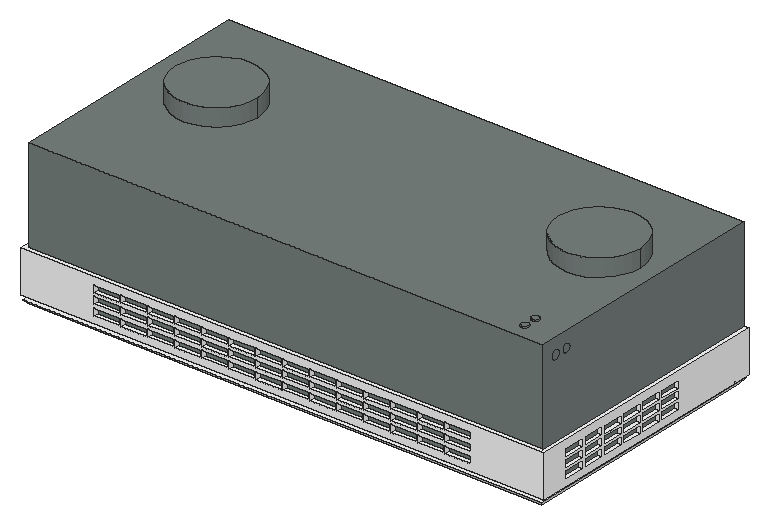
Revit family "AM 500 VB", category Mechanical Equipment, Revit 2019
Family settings
  Round Connector Dimension = Use Diameter
  Part Type = Normal
  OmniClass Number = 23.75.00.00
  OmniClass Title = Climate Control (HVAC)
  Work Plane-Based = No
  Always vertical = Yes
  Cut with Voids When Loaded = No
  Shared = No
  Room Calculation Point = No
Parameters
  Weight (Standard Unit) = 108  # constant formula
  Water Heater Surface Return = 10 mm  # constant formula
  Water Heater Surface IN = 10 mm  # constant formula
  URL = "www.airmaster-as.com"
  Total Width = 1600 mm  # constant formula
  Total Hight = 439 mm  # constant formula
  Top panel [instance] = no
  R-C Duct Supply = 192 mm  # constant formula
  Middle Panel [instance] = no
  L-C Duct Exhaust = 238 mm  # constant formula
  Suply Air In = 250 mm  # constant formula
  B-C Duct Supply = 328 mm  # constant formula
  Phase 1 - Max Power Consumption = "1762 W"
  Phase 1 - Max Current = "8,1 A"
  Nominal current, electrical preheating surface = "4,4 A"
  Nominal current, electrical comfort heating surface = "2,6 A"
  Nominal current, air handling unit = "1,1 A"
  Network Conection = "AWG 24 CAT 5e STP"
  Model = "AM 500 VB"
  Max. flow rate 35 dB(A) with ePM10 80% filters = 440.00 m³  # constant formula
  Max. flow rate 35 dB(A) with ePM10 55% filters = 495.00 m³  # constant formula
  Max. flow rate 35 dB(A) with ePM10 50% filters = 550.00 m³  # constant formula
  Max. flow rate 30 dB(A) with ePM10 80% filters = 344.00 m³  # constant formula
  Max. flow rate 30 dB(A) with ePM10 55% filters = 387.00 m³  # constant formula
  Max. flow rate 30 dB(A) with ePM10 50% filters = 430.00 m³  # constant formula
  Manufacturer = "Airmaster A/S"
  Maintenance [instance] = no
  B-C Duct Exhaust = 328 mm  # constant formula
  Exhaust Air = 250 mm  # constant formula
  Total Depth = 779 mm  # constant formula
  Electrical connection = "1 ~ 230 V / N / PE / 50 Hz"
  Drawn By = "LSB"
  Condensate = 9 mm  # constant formula
  BMS Panel = "(PTS) 2x2x0,6"
  BMS Out = "(PTS) 2x2x0,6"
  BMS IN = "(PTS) 2x0,6"
  Airlow area [instance] = no
Reference planes
  plane 1 "Center (Front/Back)": y = 0
  plane 2: z = 0
  plane 3 "Center (Left/Right)": x = 0
  plane 4 "Center L/S": y = -779
  plane 5 "Center L/T": x = -800
  plane 6 "Center L/U": x = 800
  plane 7 "TOP": z = 439
  plane 8 "Center L/V": x = -785
  plane 9 "Center L/W": y = -764
  plane 10 "Center L/X": x = 785
  plane 11 "Panel Buttom": z = 24.45
  plane 12 "Panel Top": z = 153.45
  plane 13 "Hatch": z = 14.5
  plane 14 "Center L/Z": z = 163.4
  plane 15 "Center L/AA": z = 292.4
  plane 16 "Center L/BB": z = 302.35
  plane 17 "Center L/CC": z = 431.35
Forms (mm)
  Extrusion 1, solid, material "AM Grey"
    sketch origin (0, 0, 0) x (1, 0, 0) y (0, 1, 0)
      loop
        line (-785, 0) -> (-785, -764) -> (785, -764) -> (785, 0) -> (-785, 0)
    from 14.5 to 439
  Extrusion 2, solid, material "AM White"
    sketch origin (794.5, -1524, 24.45) x (0, -1, 0) y (-1, 0, 0)
      loop
        line (-1524, 1594.5) -> (-1524, 1579.5) -> (-760, 1579.5) -> (-760, 9.5) -> (-1524, 9.5) -> (-1524, -5.5) -> (-745, -5.5) -> (-745, 1594.5) -> (-1524, 1594.5)
    from 0 to -129
  Blend 3, solid, material "AM White"
    base sketch origin (-790.646, -1524, 14.5) x (0, -1, 0) y (1, 0, 0)
      loop
        line (-745, -2.387) -> (-745, 1583.657) -> (-1524, 1583.657) -> (-1524, -2.387) -> (-745, -2.387)
    top sketch origin (-790.646, -1524, 14.5) x (0, -1, 0) y (1, 0, 0)
      loop
        line (-760, 8.963) -> (-760, 1572.646) -> (-1509.161, 1572.646) -> (-1509.161, 8.963) -> (-760, 8.963)
    from 0 to -14.5
  Extrusion 4, void
    sketch origin (1480.036, -779, 24.45) x (1, 0, 0) y (0, 0, -1)
      loop
        line (-2055.036, -85.5) -> (-2055.036, -107.5) -> (-1977.536, -107.5) -> (-1977.536, -85.5) -> (-2055.036, -85.5)
      loop
        line (-2055.036, -53.5) -> (-2055.036, -75.5) -> (-1977.536, -75.5) -> (-1977.536, -53.5) -> (-2055.036, -53.5)
      loop
        line (-2055.036, -21.5) -> (-2055.036, -43.5) -> (-1977.536, -43.5) -> (-1977.536, -21.5) -> (-2055.036, -21.5)
      loop
        line (-1972.536, -85.5) -> (-1972.536, -107.5) -> (-1895.036, -107.5) -> (-1895.036, -85.5) -> (-1972.536, -85.5)
      loop
        line (-1972.536, -53.5) -> (-1972.536, -75.5) -> (-1895.036, -75.5) -> (-1895.036, -53.5) -> (-1972.536, -53.5)
      loop
        line (-1972.536, -21.5) -> (-1972.536, -43.5) -> (-1895.036, -43.5) -> (-1895.036, -21.5) -> (-1972.536, -21.5)
      loop
        line (-1890.036, -85.5) -> (-1890.036, -107.5) -> (-1812.536, -107.5) -> (-1812.536, -85.5) -> (-1890.036, -85.5)
      loop
        line (-1890.036, -53.5) -> (-1890.036, -75.5) -> (-1812.536, -75.5) -> (-1812.536, -53.5) -> (-1890.036, -53.5)
      loop
        line (-1890.036, -21.5) -> (-1890.036, -43.5) -> (-1812.536, -43.5) -> (-1812.536, -21.5) -> (-1890.036, -21.5)
      loop
        line (-1807.536, -85.5) -> (-1807.536, -107.5) -> (-1730.036, -107.5) -> (-1730.036, -85.5) -> (-1807.536, -85.5)
      loop
        line (-1807.536, -53.5) -> (-1807.536, -75.5) -> (-1730.036, -75.5) -> (-1730.036, -53.5) -> (-1807.536, -53.5)
      loop
        line (-1807.536, -21.5) -> (-1807.536, -43.5) -> (-1730.036, -43.5) -> (-1730.036, -21.5) -> (-1807.536, -21.5)
      loop
        line (-1725.036, -85.5) -> (-1725.036, -107.5) -> (-1647.536, -107.5) -> (-1647.536, -85.5) -> (-1725.036, -85.5)
      loop
        line (-1725.036, -53.5) -> (-1725.036, -75.5) -> (-1647.536, -75.5) -> (-1647.536, -53.5) -> (-1725.036, -53.5)
      loop
        line (-1725.036, -21.5) -> (-1725.036, -43.5) -> (-1647.536, -43.5) -> (-1647.536, -21.5) -> (-1725.036, -21.5)
      loop
        line (-1642.536, -85.5) -> (-1642.536, -107.5) -> (-1565.036, -107.5) -> (-1565.036, -85.5) -> (-1642.536, -85.5)
      loop
        line (-1642.536, -53.5) -> (-1642.536, -75.5) -> (-1565.036, -75.5) -> (-1565.036, -53.5) -> (-1642.536, -53.5)
      loop
        line (-1642.536, -21.5) -> (-1642.536, -43.5) -> (-1565.036, -43.5) -> (-1565.036, -21.5) -> (-1642.536, -21.5)
      loop
        line (-1560.036, -85.5) -> (-1560.036, -107.5) -> (-1482.536, -107.5) -> (-1482.536, -85.5) -> (-1560.036, -85.5)
      loop
        line (-1560.036, -53.5) -> (-1560.036, -75.5) -> (-1482.536, -75.5) -> (-1482.536, -53.5) -> (-1560.036, -53.5)
      loop
        line (-1560.036, -21.5) -> (-1560.036, -43.5) -> (-1482.536, -43.5) -> (-1482.536, -21.5) -> (-1560.036, -21.5)
      loop
        line (-1477.536, -85.5) -> (-1477.536, -107.5) -> (-1400.036, -107.5) -> (-1400.036, -85.5) -> (-1477.536, -85.5)
      loop
        line (-1477.536, -53.5) -> (-1477.536, -75.5) -> (-1400.036, -75.5) -> (-1400.036, -53.5) -> (-1477.536, -53.5)
      loop
        line (-1477.536, -21.5) -> (-1477.536, -43.5) -> (-1400.036, -43.5) -> (-1400.036, -21.5) -> (-1477.536, -21.5)
      loop
        line (-1395.036, -85.5) -> (-1395.036, -107.5) -> (-1317.536, -107.5) -> (-1317.536, -85.5) -> (-1395.036, -85.5)
      loop
        line (-1395.036, -53.5) -> (-1395.036, -75.5) -> (-1317.536, -75.5) -> (-1317.536, -53.5) -> (-1395.036, -53.5)
      loop
        line (-1395.036, -21.5) -> (-1395.036, -43.5) -> (-1317.536, -43.5) -> (-1317.536, -21.5) -> (-1395.036, -21.5)
      loop
        line (-1312.536, -85.5) -> (-1312.536, -107.5) -> (-1235.036, -107.5) -> (-1235.036, -85.5) -> (-1312.536, -85.5)
      loop
        line (-1312.536, -53.5) -> (-1312.536, -75.5) -> (-1235.036, -75.5) -> (-1235.036, -53.5) -> (-1312.536, -53.5)
      loop
        line (-1312.536, -21.5) -> (-1312.536, -43.5) -> (-1235.036, -43.5) -> (-1235.036, -21.5) -> (-1312.536, -21.5)
      loop
        line (-1230.036, -85.5) -> (-1230.036, -107.5) -> (-1152.536, -107.5) -> (-1152.536, -85.5) -> (-1230.036, -85.5)
      loop
        line (-1230.036, -53.5) -> (-1230.036, -75.5) -> (-1152.536, -75.5) -> (-1152.536, -53.5) -> (-1230.036, -53.5)
      loop
        line (-1230.036, -21.5) -> (-1230.036, -43.5) -> (-1152.536, -43.5) -> (-1152.536, -21.5) -> (-1230.036, -21.5)
      loop
        line (-1147.536, -85.5) -> (-1147.536, -107.5) -> (-1070.036, -107.5) -> (-1070.036, -85.5) -> (-1147.536, -85.5)
      loop
        line (-1147.536, -53.5) -> (-1147.536, -75.5) -> (-1070.036, -75.5) -> (-1070.036, -53.5) -> (-1147.536, -53.5)
      loop
        line (-1147.536, -21.5) -> (-1147.536, -43.5) -> (-1070.036, -43.5) -> (-1070.036, -21.5) -> (-1147.536, -21.5)
      loop
        line (-1065.036, -85.5) -> (-1065.036, -107.5) -> (-987.536, -107.5) -> (-987.536, -85.5) -> (-1065.036, -85.5)
      loop
        line (-1065.036, -53.5) -> (-1065.036, -75.5) -> (-987.536, -75.5) -> (-987.536, -53.5) -> (-1065.036, -53.5)
      loop
        line (-1065.036, -21.5) -> (-1065.036, -43.5) -> (-987.536, -43.5) -> (-987.536, -21.5) -> (-1065.036, -21.5)
      loop
        line (-982.536, -85.5) -> (-982.536, -107.5) -> (-905.036, -107.5) -> (-905.036, -85.5) -> (-982.536, -85.5)
      loop
        line (-982.536, -53.5) -> (-982.536, -75.5) -> (-905.036, -75.5) -> (-905.036, -53.5) -> (-982.536, -53.5)
      loop
        line (-982.536, -21.5) -> (-982.536, -43.5) -> (-905.036, -43.5) -> (-905.036, -21.5) -> (-982.536, -21.5)
    from 0 to 15
  Extrusion 5, solid, material "AM Grey"
    sketch origin (-785, -20, 0) x (0, 1, 0) y (0, 0, -1)
      loop
        arc (-34.231, -35.823) -> (-20.604, -46.468) -> (-15.509, -29.944) r 10.5
        arc (-15.509, -29.944) -> (-26.896, -26.432) -> (-34.231, -35.823) r 10.5
    from 0 to 14.9
  Extrusion 6, void
    sketch origin (800, 1296.25, 24.45) x (0, 1, 0) y (0, 0, -1)
      loop
        line (-1995, -105.164) -> (-1927, -105.164) -> (-1927, -80.664) -> (-1995, -80.664) -> (-1995, -105.164)
      loop
        line (-1995, -75.664) -> (-1927, -75.664) -> (-1927, -51.164) -> (-1995, -51.164) -> (-1995, -75.664)
      loop
        line (-1995, -46.164) -> (-1927, -46.164) -> (-1927, -21.664) -> (-1995, -21.664) -> (-1995, -46.164)
      loop
        line (-1922, -105.164) -> (-1854, -105.164) -> (-1854, -80.664) -> (-1922, -80.664) -> (-1922, -105.164)
      loop
        line (-1922, -75.664) -> (-1854, -75.664) -> (-1854, -51.164) -> (-1922, -51.164) -> (-1922, -75.664)
      loop
        line (-1922, -46.164) -> (-1854, -46.164) -> (-1854, -21.664) -> (-1922, -21.664) -> (-1922, -46.164)
      loop
        line (-1849, -105.164) -> (-1781, -105.164) -> (-1781, -80.664) -> (-1849, -80.664) -> (-1849, -105.164)
      loop
        line (-1849, -75.664) -> (-1781, -75.664) -> (-1781, -51.164) -> (-1849, -51.164) -> (-1849, -75.664)
      loop
        line (-1849, -46.164) -> (-1781, -46.164) -> (-1781, -21.664) -> (-1849, -21.664) -> (-1849, -46.164)
      loop
        line (-1776, -105.164) -> (-1708, -105.164) -> (-1708, -80.664) -> (-1776, -80.664) -> (-1776, -105.164)
      loop
        line (-1776, -75.664) -> (-1708, -75.664) -> (-1708, -51.164) -> (-1776, -51.164) -> (-1776, -75.664)
      loop
        line (-1776, -46.164) -> (-1708, -46.164) -> (-1708, -21.664) -> (-1776, -21.664) -> (-1776, -46.164)
      loop
        line (-1703, -105.164) -> (-1635, -105.164) -> (-1635, -80.664) -> (-1703, -80.664) -> (-1703, -105.164)
      loop
        line (-1703, -75.664) -> (-1635, -75.664) -> (-1635, -51.164) -> (-1703, -51.164) -> (-1703, -75.664)
      loop
        line (-1703, -46.164) -> (-1635, -46.164) -> (-1635, -21.664) -> (-1703, -21.664) -> (-1703, -46.164)
      loop
        line (-1630, -105.164) -> (-1562, -105.164) -> (-1562, -80.664) -> (-1630, -80.664) -> (-1630, -105.164)
      loop
        line (-1630, -75.664) -> (-1562, -75.664) -> (-1562, -51.164) -> (-1630, -51.164) -> (-1630, -75.664)
      loop
        line (-1630, -46.164) -> (-1562, -46.164) -> (-1562, -21.664) -> (-1630, -21.664) -> (-1630, -46.164)
    from 0 to 15
  Extrusion 7, solid, material "AM Grey"
    sketch origin (785, 0, 0) x (0, -1, 0) y (0, 0, -1)
      loop
        circle (48.75, -36.414) r 8
    from 0 to 14.9
  Extrusion 8, solid, material "AM Grey"
    sketch origin (785, 0, 0) x (0, -1, 0) y (0, 0, -1)
      loop
        circle (48.75, -60.414) r 5.5
    from 0 to 14.9
  Extrusion 9, solid, material "AM Grey"
    sketch origin (785, 0, 0) x (0, -1, 0) y (0, 0, -1)
      loop
        arc (52.21, -82.945) -> (49.124, -78.934) -> (45.257, -82.197) r 3.5
        arc (45.257, -82.197) -> (48.376, -85.894) -> (52.21, -82.945) r 3.5
    from 0 to 14.9
  Extrusion 10, solid, material "AM Grey"
    sketch origin (785, 0, 0) x (0, -1, 0) y (0, 0, -1)
      loop
        arc (52.21, -104.867) -> (49.124, -100.856) -> (45.257, -104.119) r 3.5
        arc (45.257, -104.119) -> (48.376, -107.816) -> (52.21, -104.867) r 3.5
    from 0 to 14.9
  Extrusion 11, solid, material "AM Grey"
    sketch origin (785, 0, 0) x (0, -1, 0) y (0, 0, -1)
      loop
        arc (666.553, -391.641) -> (678.119, -403.614) -> (689.95, -391.903) r 11.7
        arc (689.95, -391.903) -> (678.381, -380.215) -> (666.553, -391.641) r 11.7
    from 0 to 2
  Extrusion 12, solid, material "AM Grey"
    sketch origin (785, 0, 0) x (0, -1, 0) y (0, 0, -1)
      loop
        arc (707.323, -393.239) -> (721.418, -403.717) -> (730.869, -388.914) r 12
        arc (730.869, -388.914) -> (717.082, -380.112) -> (707.323, -393.239) r 12
    from 0 to 2
  Extrusion 13, solid, material "AM Grey"
    sketch origin (-2194.69, 0, 0) x (1, 0, 0) y (0, 0, -1)
      loop
        arc (1478.835, -24) -> (1493.457, -45.482) -> (1480.281, -23.084) r 13
        line (1480.281, -23.084) -> (1478.835, -24)
    from 0 to 2
  Extrusion 14, solid, material "AM Grey"
    sketch origin (0, 0, 439) x (1, 0, 0) y (0, 1, 0)
      loop
        arc (693.662, -689.53) -> (693, -667.55) -> (692.338, -689.53) r 11
        line (692.338, -689.53) -> (693.662, -689.53)
    from 0 to 2
  Extrusion 15, solid, material "AM Grey"
    sketch origin (0, 0, 439) x (1, 0, 0) y (0, 1, 0)
      loop
        arc (693.662, -730.28) -> (693, -708.3) -> (692.338, -730.28) r 11
        line (692.338, -730.28) -> (693.662, -730.28)
    from 0 to 2
  Extrusion 16, solid, material "Maintenece", visible <- "Maintenance"
    sketch origin (-790.646, -1524, 0) x (1, 0, 0) y (0, -1, 0)
      loop
        line (-9.354, -1524) -> (1590.646, -1524) -> (1590.646, -745) -> (-9.354, -745) -> (-9.354, -1524)
    from 0 to 1200
  Extrusion 17, solid, material "Maintenece", visible <- "Airlow area"
    sketch origin (800, 1296.25, 24.45) x (0, -1, 0) y (0, 0, -1)
      loop
        line (1296.25, -129) -> (2081.25, -129) -> (2081.25, 21) -> (1296.25, 21) -> (1296.25, -129)
    from 0 to 500
  Extrusion 18, solid, material "AM Grey"
    sketch origin (0, 0, 439) x (1, 0, 0) y (0, 1, 0)
      loop
        circle (-562, -328) r 125
    from 0 to 53
  Extrusion 19, solid, material "AM Grey"
    sketch origin (1170, 0, 439) x (1, 0, 0) y (0, 1, 0)
      loop
        circle (-562, -328) r 125
    from 0 to 53
  Extrusion 20, solid, material "AM White", visible <- "Middle Panel"
    sketch origin (794.5, -1524, 163.4) x (0, -1, 0) y (-1, 0, 0)
      loop
        line (-1524, 1594.5) -> (-1524, 1579.5) -> (-760, 1579.5) -> (-760, 9.5) -> (-1524, 9.5) -> (-1524, -5.5) -> (-745, -5.5) -> (-745, 1594.5) -> (-1524, 1594.5)
    from 0 to -129
  Extrusion 21, solid, material "AM White", visible <- "Top panel"
    sketch origin (794.5, -1524, 302.35) x (0, -1, 0) y (-1, 0, 0)
      loop
        line (-1524, 1594.5) -> (-1524, 1579.5) -> (-760, 1579.5) -> (-760, 9.5) -> (-1524, 9.5) -> (-1524, -5.5) -> (-745, -5.5) -> (-745, 1594.5) -> (-1524, 1594.5)
    from 0 to -129
Cuts and joins
  Extrusion 4, Extrusion 6 cuts Extrusion 1
  Extrusion 4, Extrusion 6 cuts Extrusion 2
Dimensions and locks
  "Total Depth": plane 4 "Center L/S" to plane 1 "Center (Front/Back)"
  equal spacing: plane 5 "Center L/T", plane 3 "Center (Left/Right)", plane 6 "Center L/U"
  "Total Width": plane 5 "Center L/T" to plane 6 "Center L/U"
  "Total Hight": plane 7 "TOP" to level
  locked: plane 10 "Center L/X" to plane 6 "Center L/U" at 15
  locked: plane 4 "Center L/S" to plane 9 "Center L/W" at 15
  locked: plane 5 "Center L/T" to plane 8 "Center L/V" at 15
  Extrusion 1 to Blend 3 sketch curve = 14.839 mm
  nested 3 to cut or joined group of Extrusion 2, Extrusion 4, Extrusion 6 = 550 mm
  "L-C Duct Exhaust": plane 5 "Center L/T" to Extrusion 18 sketch curve
  "B-C Duct Exhaust": Extrusion 18 sketch curve to plane 1 "Center (Front/Back)"
  "B-C Duct Supply": Extrusion 19 sketch curve to plane 1 "Center (Front/Back)"
  "R-C Duct Supply": Extrusion 19 sketch curve to plane 6 "Center L/U"
  aligned and locked: level to plane 2
  aligned and locked: plane 1 "Center (Front/Back)" to Extrusion 1 sketch curve
  aligned and locked: Extrusion 1 sketch curve to plane 8 "Center L/V"
  aligned and locked: Extrusion 1 sketch curve to plane 9 "Center L/W"
  aligned and locked: Extrusion 1 sketch curve to plane 10 "Center L/X"
  aligned and locked: plane 7 "TOP" to Extrusion 1
  aligned and locked: plane 5 "Center L/T" to Extrusion 2 sketch curve
  aligned and locked: plane 4 "Center L/S" to Extrusion 2 sketch curve
  aligned and locked: plane 6 "Center L/U" to Extrusion 2 sketch curve
  aligned and locked: Extrusion 2 sketch curve to Extrusion 1  (x3)
  aligned and locked: plane 1 "Center (Front/Back)" to Extrusion 2 sketch curve
  aligned and locked: Extrusion 2 to plane 12 "Panel Top"
  aligned and locked: Blend 3 to plane 2
  aligned and locked: plane 13 "Hatch" to Extrusion 1
  aligned and locked: Extrusion 16 sketch curve to cut or joined group of Extrusion 2, Extrusion 4, Extrusion 6  (x4)
  aligned and locked: Extrusion 17 sketch curve to cut or joined group of Extrusion 2, Extrusion 4, Extrusion 6  (x2)
  aligned and locked: Extrusion 20 to plane 15 "Center L/AA"
  aligned and locked: Extrusion 21 to plane 17 "Center L/CC"
Automatic sketch dimensions
  plane 1 "Center (Front/Back)" to Extrusion 2 sketch curve = 0 mm
  plane 1 "Center (Front/Back)" to Blend 3 sketch curve = 0 mm
  plane 4 "Center L/S" to Blend 3 sketch curve = 0 mm
  plane 5 "Center L/T" to Blend 3 sketch curve = 6.967 mm
  Blend 3 sketch curve to plane 6 "Center L/U" = 6.989 mm
  plane 9 "Center L/W" to Blend 3 sketch curve = 0 mm
  plane 8 "Center L/V" to Blend 3 sketch curve = 3.316 mm
  Blend 3 sketch curve to plane 10 "Center L/X" = 3 mm
  Extrusion 4 sketch curve to Extrusion 2 = 43.5 mm  (x4)
  Extrusion 4 sketch curve to Extrusion 2 = 225 mm
  Extrusion 4 sketch curve to Extrusion 4 sketch curve = 0 mm  (x87)
  Extrusion 4 sketch curve to Extrusion 4 sketch curve = 77.5 mm  (x14)
  Extrusion 4 sketch curve to Extrusion 4 sketch curve = 5 mm  (x39)
  Extrusion 4 sketch curve to Extrusion 2 = 21.5 mm  (x7)
  Extrusion 4 sketch curve to Extrusion 4 sketch curve = 10 mm  (x12)
  Extrusion 4 sketch curve to Extrusion 4 sketch curve = 22 mm  (x4)
  Extrusion 5 sketch curve to Extrusion 5 sketch curve = 0 mm  (x2)
  Extrusion 1 to Extrusion 5 sketch curve = 43.75 mm
  Extrusion 1 to Extrusion 5 sketch curve = 21.95 mm
  Extrusion 5 sketch curve to Extrusion 5 sketch curve = 10.481 mm
  Extrusion 5 sketch curve to Extrusion 5 sketch curve = 8.241 mm
  Extrusion 5 sketch curve to Extrusion 5 sketch curve = 0.627 mm
  Extrusion 6 sketch curve to Extrusion 2 = 23.836 mm  (x2)
  Extrusion 2 to Extrusion 6 sketch curve = 80.25 mm
  Extrusion 6 sketch curve to Extrusion 6 sketch curve = 0 mm  (x33)
  Extrusion 6 sketch curve to Extrusion 6 sketch curve = 68 mm  (x6)
  Extrusion 6 sketch curve to Extrusion 6 sketch curve = 5 mm  (x22)
  Extrusion 6 sketch curve to Extrusion 6 sketch curve = 24.5 mm  (x5)
  Extrusion 6 sketch curve to Extrusion 2 = 21.664 mm  (x3)
  Extrusion 1 to Extrusion 7 sketch curve = 21.914 mm
  Extrusion 1 to Extrusion 7 sketch curve = 48.75 mm
  Extrusion 1 to Extrusion 8 sketch curve = 48.75 mm
  Extrusion 1 to Extrusion 8 sketch curve = 45.914 mm
  Extrusion 9 sketch curve to Extrusion 9 sketch curve = 0 mm  (x2)
  Extrusion 1 to Extrusion 9 sketch curve = 48.75 mm
  Extrusion 1 to Extrusion 9 sketch curve = 67.914 mm
  Extrusion 9 sketch curve to Extrusion 9 sketch curve = 3.493 mm
  Extrusion 9 sketch curve to Extrusion 9 sketch curve = 3.46 mm
  Extrusion 9 sketch curve to Extrusion 9 sketch curve = 0.531 mm
  Extrusion 10 sketch curve to Extrusion 10 sketch curve = 0 mm  (x2)
  Extrusion 1 to Extrusion 10 sketch curve = 48.75 mm
  Extrusion 1 to Extrusion 10 sketch curve = 89.836 mm
  Extrusion 10 sketch curve to Extrusion 10 sketch curve = 3.493 mm
  Extrusion 10 sketch curve to Extrusion 10 sketch curve = 3.46 mm
  Extrusion 10 sketch curve to Extrusion 10 sketch curve = 0.531 mm
  Extrusion 11 sketch curve to Extrusion 11 sketch curve = 0 mm  (x2)
  Extrusion 1 to Extrusion 11 sketch curve = 85.75 mm
  Extrusion 1 to Extrusion 11 sketch curve = 47.086 mm
  Extrusion 11 sketch curve to Extrusion 11 sketch curve = 11.697 mm
  Extrusion 11 sketch curve to Extrusion 11 sketch curve = 11.7 mm
  Extrusion 11 sketch curve to Extrusion 11 sketch curve = 0.011 mm
  Extrusion 12 sketch curve to Extrusion 12 sketch curve = 0 mm  (x2)
  Extrusion 1 to Extrusion 12 sketch curve = 44.75 mm
  Extrusion 1 to Extrusion 12 sketch curve = 47.086 mm
  Extrusion 12 sketch curve to Extrusion 12 sketch curve = 11.927 mm
  Extrusion 12 sketch curve to Extrusion 12 sketch curve = 11.619 mm
  Extrusion 12 sketch curve to Extrusion 12 sketch curve = 1.325 mm
  Extrusion 1 to Extrusion 13 sketch curve = 9.5 mm
  Extrusion 13 sketch curve to Extrusion 1 = 69.145 mm
  Extrusion 1 to Extrusion 13 sketch curve = 8.584 mm
  Extrusion 13 sketch curve to Extrusion 13 sketch curve = 1.446 mm
  Extrusion 13 sketch curve to Extrusion 13 sketch curve = 6.219 mm
  Extrusion 14 sketch curve to Extrusion 1 = 92.662 mm
  Extrusion 14 sketch curve to Extrusion 14 sketch curve = 0.662 mm
  Extrusion 14 sketch curve to Extrusion 1 = 74.47 mm
  Extrusion 14 sketch curve to Extrusion 14 sketch curve = 10.98 mm
  Extrusion 15 sketch curve to Extrusion 1 = 92.662 mm
  Extrusion 15 sketch curve to Extrusion 15 sketch curve = 0.662 mm
  Extrusion 15 sketch curve to Extrusion 1 = 33.72 mm
  Extrusion 15 sketch curve to Extrusion 15 sketch curve = 10.98 mm
  Extrusion 2 to Extrusion 17 sketch curve = 6 mm
  Extrusion 17 sketch curve to Extrusion 2 = 21 mm
  plane 1 "Center (Front/Back)" to Extrusion 20 sketch curve = 0 mm  (x2)
  Extrusion 20 sketch curve to plane 8 "Center L/V" = 0 mm
  Extrusion 20 sketch curve to plane 9 "Center L/W" = 0 mm
  plane 4 "Center L/S" to Extrusion 20 sketch curve = 0 mm
  Extrusion 20 sketch curve to plane 5 "Center L/T" = 0 mm
  Extrusion 20 sketch curve to plane 10 "Center L/X" = 0 mm
  Extrusion 20 sketch curve to plane 6 "Center L/U" = 0 mm
  plane 1 "Center (Front/Back)" to Extrusion 21 sketch curve = 0 mm  (x2)
  Extrusion 21 sketch curve to plane 8 "Center L/V" = 0 mm
  Extrusion 21 sketch curve to plane 9 "Center L/W" = 0 mm
  plane 4 "Center L/S" to Extrusion 21 sketch curve = 0 mm
  Extrusion 21 sketch curve to plane 5 "Center L/T" = 0 mm
  Extrusion 21 sketch curve to plane 10 "Center L/X" = 0 mm
  Extrusion 21 sketch curve to plane 6 "Center L/U" = 0 mm
  radius of Extrusion 7 sketch curve = 8 mm
  radius of Extrusion 8 sketch curve = 5.5 mm
  radius of Extrusion 18 sketch curve = 125 mm
  radius of Extrusion 19 sketch curve = 125 mm
Nested families
  nested 1: "Model Label 2019" at (0, -531.924, 0), Label <- "Model", type "Model Label 2019"
    with Label "AM 500 VB"
  nested 2: "Pil Indtag" at (1400, -364, 0) x (-1, 0, 0) z (0, 0, 1), type "Pil Indtag"
    with dX_ 609 mm, dX 609 mm, ang2D 0.00°
  nested 3: "indblæssymbol" at (0, -879, 0) x (0, -1, 0) z (0, 0, 1), type "indblæssymbol"
    with dX_ 609 mm, dX 609 mm, ang2D 0.00°
Connectors
  piping at (-799.9, -44.87, 32.883), diameter 9, driven by "Condensate"
    settings: on Extrusion 5, index 1, connector inside diameter 609.6 mm, connector length 0 mm, flow factor 0, pipe flow 0.0 L/s, pressure drop 0.0 Pa, fitting loss kfactor 0, connector angle 0.00°, fixture units 0, engagement length 0 mm, angle of deflection 0.00°, flow configuration 0, flow direction 0, fitting loss method 0, system type 16, joint type 0, gender type 0, connector reference index -1, connector utility 0, adjustable connector no, is connector primary yes, connector description ""
  electrical at (799.9, -48.75, 36.414), driven by "Electrical connection"
    settings: on Extrusion 7, index 2, voltage 230 V, apparent load 0 VA, apparent load phase1 0 VA, apparent load phase2 0 VA, apparent load phase3 0 VA, power factor 0.58, load classification "Other", number of poles 1, system type 30, power factor state 1, is connector primary yes, connector utility no, sub classification motor no, connector description "1 ~ 230 V / N / PE / 50 Hz"
  electrical at (799.9, -48.75, 60.414), driven by "Network Conection"
    settings: on Extrusion 8, index 3, voltage 0 V, apparent load 0 VA, apparent load phase1 0 VA, apparent load phase2 0 VA, apparent load phase3 0 VA, power factor 1, load classification "Other", number of poles 1, system type 5, power factor state 1, is connector primary no, connector utility no, sub classification motor no, connector description "AWG 24 CAT 5e STP"
  electrical at (799.9, -48.733, 82.571), driven by "BMS IN"
    settings: on Extrusion 9, index 4, voltage 0 V, apparent load 0 VA, apparent load phase1 0 VA, apparent load phase2 0 VA, apparent load phase3 0 VA, power factor 1, load classification "Other", number of poles 1, system type 5, power factor state 1, is connector primary no, connector utility no, sub classification motor no, connector description "(PTS) 2x0,6"
  electrical at (799.9, -48.733, 104.493), driven by "BMS Out"
    settings: on Extrusion 10, index 5, voltage 0 V, apparent load 0 VA, apparent load phase1 0 VA, apparent load phase2 0 VA, apparent load phase3 0 VA, power factor 1, load classification "Other", number of poles 1, system type 5, power factor state 1, is connector primary no, connector utility no, sub classification motor no, connector description "(PTS) 2x2x0,6"
  piping at (787, -719.096, 391.076), diameter 10, driven by "Water Heater Surface IN"
    settings: on Extrusion 12, index 6, connector inside diameter 609.6 mm, connector length 0 mm, flow factor 0, pipe flow 0.0 L/s, pressure drop 0.0 Pa, fitting loss kfactor 0, connector angle 0.00°, fixture units 0, engagement length 0 mm, angle of deflection 0.00°, flow configuration 0, flow direction 1, fitting loss method 0, system type 7, joint type 0, gender type 0, connector reference index -1, connector utility 0, adjustable connector no, is connector primary no, connector description ""
  piping at (787, -678.252, 391.772), diameter 10, driven by "Water Heater Surface Return"
    settings: on Extrusion 11, index 7, connector inside diameter 609.6 mm, connector length 0 mm, flow factor 0, pipe flow 0.0 L/s, pressure drop 0.0 Pa, fitting loss kfactor 0, connector angle 0.00°, fixture units 0, engagement length 0 mm, angle of deflection 0.00°, flow configuration 0, flow direction 2, fitting loss method 0, system type 8, joint type 0, gender type 0, connector reference index -1, connector utility 0, adjustable connector no, is connector primary no, connector description ""
  piping at (-715.132, 2, 23.542), diameter 9, driven by "Condensate"
    settings: on Extrusion 13, index 8, connector inside diameter 609.6 mm, connector length 0 mm, flow factor 0, pipe flow 0.0 L/s, pressure drop 0.0 Pa, fitting loss kfactor 0, connector angle 0.00°, fixture units 0, engagement length 0 mm, angle of deflection 0.00°, flow configuration 0, flow direction 0, fitting loss method 0, system type 16, joint type 0, gender type 0, connector reference index -1, connector utility 0, adjustable connector no, is connector primary no, connector description "9"
  piping at (693, -730.28, 441), diameter 10, driven by "Water Heater Surface IN"
    settings: on Extrusion 15, index 11, connector inside diameter 609.6 mm, connector length 0 mm, flow factor 0, pipe flow 0.0 L/s, pressure drop 0.0 Pa, fitting loss kfactor 0, connector angle 0.00°, fixture units 0, engagement length 0 mm, angle of deflection 0.00°, flow configuration 0, flow direction 0, fitting loss method 0, system type 19, joint type 0, gender type 0, connector reference index -1, connector utility 0, adjustable connector no, is connector primary no, connector description ""
  piping at (693, -689.53, 441), diameter 10, driven by "Water Heater Surface Return"
    settings: on Extrusion 14, index 12, connector inside diameter 609.6 mm, connector length 0 mm, flow factor 0, pipe flow 0.0 L/s, pressure drop 0.0 Pa, fitting loss kfactor 0, connector angle 0.00°, fixture units 0, engagement length 0 mm, angle of deflection 0.00°, flow configuration 0, flow direction 0, fitting loss method 0, system type 19, joint type 0, gender type 0, connector reference index -1, connector utility 0, adjustable connector no, is connector primary no, connector description ""
  hvac at (-562, -328, 439), driven by "Exhaust Air"
    settings: on Extrusion 18, index 15, duct flow 0.0 L/s, flow factor 0, pres drop 0.0 Pa, loss coef 0, conn angle 0.00°, conn width 304.8 mm, conn height 304.8 mm, conn diameter 250 mm, duct sys type 3, conn prof type 0, flow config 0, flow direction 2, loss method 0, conn ref index -1, conn util no, is conn primary yes, conn desc ""
  hvac at (608, -328, 439), driven by "Suply Air In"
    settings: on Extrusion 19, index 16, duct flow 0.0 L/s, flow factor 0, pres drop 0.0 Pa, loss coef 0, conn angle 0.00°, conn width 304.8 mm, conn height 304.8 mm, conn diameter 250 mm, duct sys type 1, conn prof type 0, flow config 0, flow direction 1, loss method 0, conn ref index -1, conn util no, is conn primary no, conn desc ""
Definition of nested family "Model Label 2019"
  Parameters (values of type "Model Label 2019")
    Label [instance] = ""
  Reference planes
    plane 1: y = 0
    plane 2: x = 0
  Text (mm)
    label "Label" at (-0.131, 0.049, 0), shows "Label"
Definition of nested family "Pil Indtag"
  Parameters (values of type "Pil Indtag")
    dX_ [instance] = if(dX = 0 mm, 1 mm, dX)  # 609 mm
    dX [instance] = 609 mm
    ang2D [instance] = 0.00°
    Type Comments = "DO NOT CHANGE dX value from 608 mm ( 2 ft )"
    Afstand pil = 50 mm
  Reference planes
    plane 1 "Center (Front/Back)": y = 0
    plane 2: z = 0
    plane 3 "Center (Left/Right)": x = 0
    plane 4: x = 500
  Lines and regions (mm)
    Filled region 1, type "Concrete", in view "Ref. Level"
      outline origin (0, 0, 0) x (1, 0, 0) y (0, 1, 0)
        loop
          line (499.552, 0) -> (401.072, 17.365) -> (401.072, -17.365) -> (499.552, 0)
    reference lines, in view "Ref. Level"
      curve 1: line (50, 134.129, 0) -> (50, -145.871, 0)
    detail lines, in view "Ref. Level", not visible
      curve 2: arc (335, 0, 0) -> (385.559, -50.321, 0) -> (434.999, 1.101, 0) r 50.01
      curve 3: arc (335, 0, 0) -> (285.666, 52.633, 0) -> (235.069, 1.212, 0) r 50.01
      curve 4: line (434.999, 1.101, 0) -> (434.999, 21.156, 0)
      curve 5: line (235.069, 1.212, 0) -> (235.069, -18.844, 0)
    detail lines, in view "Ref. Level"
      curve 6: arc (225.332, 0, 0) -> (272.332, -35.211, 0) -> (294.114, 19.326, 0) r 36.995
      curve 7: arc (225.206, 0, 0) -> (173.868, 30.307, 0) -> (156.85, -26.829, 0) r 37.835
      curve 8: line (499.552, 0, 0) -> (401.072, 17.365, 0)
      curve 9: line (401.072, 17.365, 0) -> (401.072, -17.365, 0)
      curve 10: line (401.072, -17.365, 0) -> (499.552, 0, 0)
      curve 11: line (499.552, 0, 0) -> (-15.448, 0, 0)
  Dimensions and locks
    "Afstand pil": plane 3 "Center (Left/Right)" to curve 1
    plane 3 "Center (Left/Right)" to plane 4 = 500 mm
  Automatic sketch dimensions
    plane 1 "Center (Front/Back)" to Filled region 1 sketch curve = 0 mm
    Filled region 1 sketch curve to plane 4 = 0.448 mm
    plane 1 "Center (Front/Back)" to Filled region 1 sketch curve = 17.365 mm
    Filled region 1 sketch curve to plane 4 = 98.928 mm
    Filled region 1 sketch curve to plane 1 "Center (Front/Back)" = 17.365 mm
    plane 1 "Center (Front/Back)" to curve 11 = 0 mm
    plane 1 "Center (Front/Back)" to curve 7 = 4.913 mm
    plane 3 "Center (Left/Right)" to curve 7 = 187.691 mm
    curve 6 to plane 1 "Center (Front/Back)" = 0.405 mm
    curve 7 to curve 6 = 74.634 mm
    curve 9 to plane 1 "Center (Front/Back)" = 17.365 mm
    curve 9 to plane 4 = 98.928 mm
    curve 11 to plane 4 = 0.448 mm
    plane 1 "Center (Front/Back)" to curve 10 = 17.365 mm
    curve 7 to curve 7 = 30.842 mm
    curve 11 to plane 3 "Center (Left/Right)" = 15.448 mm
    curve 7 to curve 6 = 37.119 mm
    curve 7 to curve 6 = 0.126 mm
    curve 6 to plane 1 "Center (Front/Back)" = 19.326 mm
    plane 1 "Center (Front/Back)" to curve 1 = 145.871 mm
    curve 1 to plane 1 "Center (Front/Back)" = 134.129 mm
Definition of nested family "indblæssymbol"
  Parameters (values of type "indblæssymbol")
    dX_ [instance] = if(dX = 0 mm, 1 mm, dX)  # 609 mm
    dX [instance] = 609 mm
    ang2D [instance] = 0.00°
    Type Comments = "DO NOT CHANGE dX value from 608 mm ( 2 ft )"
    Afstand pil = 50 mm
  Reference planes
    plane 1 "Center (Front/Back)": y = 0
    plane 2: z = 0
    plane 3 "Center (Left/Right)": x = 0
  Lines and regions (mm)
    Filled region 1, type "Concrete", in view "Ref. Level"
      outline origin (50.005, 0, 0) x (1, 0, 0) y (0, 1, 0)
        loop
          line (399.995, 0.414) -> (301.442, 17.365) -> (301.588, -17.365) -> (399.995, 0.414)
    reference lines, in view "Ref. Level"
      curve 1: line (50, 134.129, 0) -> (50, -145.871, 0)
    detail lines, in view "Ref. Level"
      curve 2: line (351.52, 0, 0) -> (50, 0, 0)
  Dimensions and locks
    "Afstand pil": plane 3 "Center (Left/Right)" to curve 1
    curve 1 to Filled region 1 = 400 mm
  Automatic sketch dimensions
    Filled region 1 sketch curve to plane 1 "Center (Front/Back)" = 0.414 mm
    plane 3 "Center (Left/Right)" to Filled region 1 sketch curve = 450 mm
    plane 1 "Center (Front/Back)" to Filled region 1 sketch curve = 17.365 mm
    Filled region 1 sketch curve to Filled region 1 sketch curve = 98.407 mm
    Filled region 1 sketch curve to plane 1 "Center (Front/Back)" = 17.365 mm
    Filled region 1 sketch curve to Filled region 1 sketch curve = 0.146 mm
    plane 1 "Center (Front/Back)" to curve 2 = 0 mm
    plane 3 "Center (Left/Right)" to curve 2 = 50 mm
    curve 2 to curve 2 = 301.52 mm
    plane 1 "Center (Front/Back)" to curve 1 = 145.871 mm
    curve 1 to plane 1 "Center (Front/Back)" = 134.129 mm
